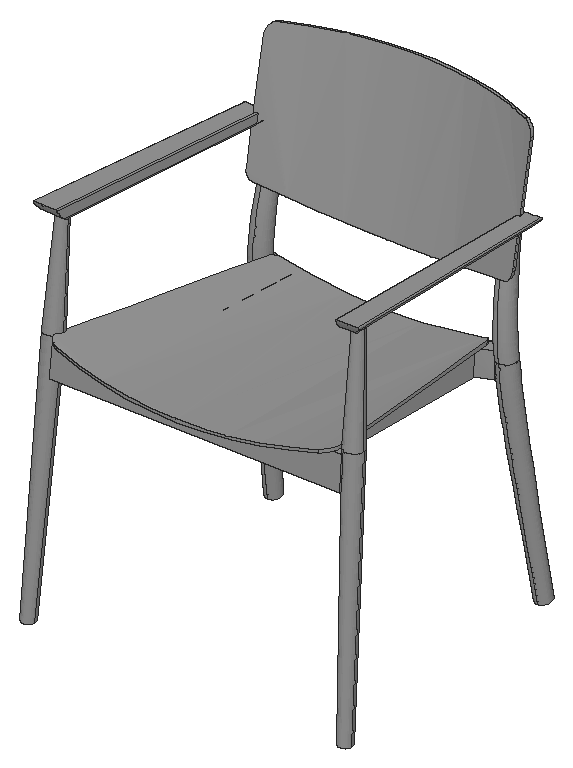
Revit family "Andreu World Happy SO-0375", category Mobiliario, Revit 2014
Parameters (values of type "SO-0375")
  Width = 595 mm
  URL = "https://www.andreuworld.com/workspaces"
  Structure Finish = Andreu World Beech V
  Seat = Andreu World Oak Vertical
  Reference = "SO-0375"  # constant formula
  Modelo = "Happy"  # constant formula
  Height = 770 mm
  Fabricante = "Andreu World"  # constant formula
  Descripción = "Armchair with oak board seat and backrest and solid beech wood frame"  # constant formula
  Depth = 555 mm
  Backrest = Andreu World Oak Vertical
Reference planes
  plane 1 "Centro (Frontal/Posterior)": y = 0
  plane 2: z = 0
  plane 3 "Centro (Izquierda/Derecha)": x = 0
  plane 4: y = 277.5
  plane 5: x = 297.5
  plane 6: x = -297.5
  plane 7: y = -277.5
  plane 8: z = 770
Forms (mm)
  Blend 1, solid, material "Andreu World Beech V" <- "Structure Finish", detail levels medium+fine
    base sketch origin (0, 0, 0) x (1, 0, 0) y (0, 1, 0)
      loop
        circle (-280.936, -256.104) r 11.517
    top sketch origin (0, 0, 0) x (1, 0, 0) y (0, 1, 0)
      loop
        circle (-266.063, -218.492) r 17
    from 0 to 449.168
  Blend 2, solid, material "Andreu World Beech V" <- "Structure Finish", detail levels medium+fine
    base sketch origin (0, 0, 0) x (1, 0, 0) y (0, 1, 0)
      loop
        circle (-266.063, -218.492) r 17
    top sketch origin (0, 0, 0) x (1, 0, 0) y (0, 1, 0)
      loop
        circle (-262.467, -202.684) r 10
    from 449.168 to 634.561
  Blend 3, solid, material "Andreu World Beech V" <- "Structure Finish", detail levels medium+fine
    base sketch origin (0, 0, 0) x (-1, 0, 0) y (0, -1, 0)
      loop
        circle (-280.936, 256.104) r 11.517
    top sketch origin (0, 0, 0) x (-1, 0, 0) y (0, -1, 0)
      loop
        circle (-266.063, 218.492) r 17
    from 0 to 449.168
  Blend 4, solid, material "Andreu World Beech V" <- "Structure Finish", detail levels medium+fine
    base sketch origin (0, 0, 0) x (-1, 0, 0) y (0, -1, 0)
      loop
        circle (-266.063, 218.492) r 17
    top sketch origin (0, 0, 0) x (-1, 0, 0) y (0, -1, 0)
      loop
        circle (-262.467, 202.684) r 10
    from 449.168 to 634.561
  Blend 5, solid, material "Andreu World Beech V" <- "Structure Finish", detail levels medium+fine
    base sketch origin (0, 0, 0) x (1, 0, 0) y (0, 0, 1)
      loop
        line (-179.967, 413.884) -> (-179.967, 366.496) -> (-146.903, 366.496) -> (-146.903, 413.884) -> (-179.967, 413.884)
    top sketch origin (0, 0, 0) x (1, 0, 0) y (0, 0, 1)
      loop
        line (-187.467, 432.028) -> (-187.467, 384.085) -> (-152.467, 384.085) -> (-152.467, 432.028) -> (-187.467, 432.028)
    from -158.291 to 217.993
  Blend 6, solid, material "Andreu World Beech V" <- "Structure Finish", detail levels medium+fine
    base sketch origin (0, 0, 0) x (-1, 0, 0) y (0, 0, -1)
      loop
        line (-179.967, -413.884) -> (-146.903, -413.884) -> (-146.903, -366.496) -> (-179.967, -366.496) -> (-179.967, -413.884)
    top sketch origin (0, 0, 0) x (-1, 0, 0) y (0, 0, -1)
      loop
        line (-187.467, -432.028) -> (-152.467, -432.028) -> (-152.467, -384.085) -> (-187.467, -384.085) -> (-187.467, -432.028)
    from -158.291 to 217.993
  Blend 7, solid, material "Andreu World Beech V" <- "Structure Finish", detail levels medium+fine
    base sketch origin (0, 0, 0) x (1, 0, 0) y (0, 1, 0)
      loop
        line (-257.452, -203.835) -> (-257.452, -233.735) -> (257.473, -233.735) -> (257.473, -203.835) -> (-257.452, -203.835)
    top sketch origin (0, 0, 0) x (1, 0, 0) y (0, 1, 0)
      loop
        line (257.388, -208.037) -> (-257.608, -208.037) -> (-257.608, -237.924) -> (257.388, -237.924) -> (257.388, -208.037)
    from 442.313 to 384.219
  Blend 8, solid, material "Andreu World Beech V" <- "Structure Finish", detail levels medium+fine
    base sketch origin (0, 0, 0) x (1, 0, 0) y (0, 1, 0)
      loop
        arc (-209.233, 165.988) -> (0, 116.733) -> (209.233, 165.988) r 469.03
        line (209.233, 165.988) -> (202.737, 191.007)
        arc (202.737, 191.007) -> (0, 141.71) -> (-202.737, 191.007) r 441.528
        line (-202.737, 191.007) -> (-209.233, 165.988)
    top sketch origin (0, 0, 0) x (1, 0, 0) y (0, 1, 0)
      loop
        arc (-209.233, 168.137) -> (0, 118.194) -> (209.233, 168.137) r 463.26
        line (209.233, 168.137) -> (202.747, 193.118)
        arc (202.747, 193.118) -> (0, 141.71) -> (-202.747, 193.118) r 425.501
        line (-202.747, 193.118) -> (-209.233, 168.137)
    from 368.764 to 414.376
  Blend 9, solid, material "Andreu World Beech V" <- "Structure Finish", detail levels medium+fine
    base sketch origin (0, 0, 0) x (1, 0, 0) y (0, 0, 1)
      loop
        arc (-229.87, 626.793) -> (-230.41, 628.125) -> (-231.726, 628.703) r 1.911
        line (-231.726, 628.703) -> (-262.001, 629.571)
        arc (-262.001, 629.571) -> (-263.934, 628.301) -> (-263.406, 626.049) r 2.019
        line (-263.406, 626.049) -> (-246.58, 610.981)
        arc (-246.58, 610.981) -> (-245.254, 610.172) -> (-243.726, 609.89) r 4.278
        line (-243.726, 609.89) -> (-232.809, 609.89)
        arc (-232.809, 609.89) -> (-230.731, 610.751) -> (-229.87, 612.83) r 2.939
        line (-229.87, 612.83) -> (-229.87, 626.793)
    top sketch origin (0, 0, 0) x (1, 0, 0) y (0, 0, 1)
      loop
        arc (-287.433, 655.065) -> (-289.293, 653.848) -> (-288.876, 651.665) r 1.997
        line (-288.876, 651.665) -> (-271.43, 633.994)
        arc (-271.43, 633.994) -> (-270.343, 633.261) -> (-269.058, 633.003) r 3.332
        line (-269.058, 633.003) -> (-249.257, 633.003)
        arc (-249.257, 633.003) -> (-247.903, 633.564) -> (-247.343, 634.917) r 1.914
        line (-247.343, 634.917) -> (-247.343, 652.466)
        arc (-247.343, 652.466) -> (-247.971, 653.995) -> (-249.493, 654.64) r 2.174
        line (-249.493, 654.64) -> (-287.433, 655.065)
    from -201.685 to 237.858
  Extrusion 10, void
    sketch origin (0, 0, 0) x (0, 1, 0) y (0, 0, 1)
      loop
        line (-235.901, 655.548) -> (-248.033, 657.44) -> (-248.908, 632.371) -> (-203.794, 630.006)
        arc (-203.794, 630.006) -> (-223.936, 637.638) -> (-235.901, 655.548) r 35.323
    from -306.254 to 305.783
  Blend 11, solid, material "Andreu World Beech V" <- "Structure Finish", detail levels medium+fine
    base sketch origin (0, 0, 0) x (-1, 0, 0) y (0, 0, -1)
      loop
        line (-229.87, -626.793) -> (-229.87, -612.83)
        arc (-229.87, -612.83) -> (-230.731, -610.751) -> (-232.809, -609.89) r 2.939
        line (-232.809, -609.89) -> (-243.726, -609.89)
        arc (-243.726, -609.89) -> (-245.254, -610.172) -> (-246.58, -610.981) r 4.278
        line (-246.58, -610.981) -> (-263.406, -626.049)
        arc (-263.406, -626.049) -> (-263.934, -628.301) -> (-262.001, -629.571) r 2.019
        line (-262.001, -629.571) -> (-231.726, -628.703)
        arc (-231.726, -628.703) -> (-230.41, -628.125) -> (-229.87, -626.793) r 1.911
    top sketch origin (0, 0, 0) x (-1, 0, 0) y (0, 0, -1)
      loop
        line (-287.433, -655.065) -> (-249.493, -654.64)
        arc (-249.493, -654.64) -> (-247.971, -653.995) -> (-247.343, -652.466) r 2.174
        line (-247.343, -652.466) -> (-247.343, -634.917)
        arc (-247.343, -634.917) -> (-247.903, -633.564) -> (-249.257, -633.003) r 1.914
        line (-249.257, -633.003) -> (-269.058, -633.003)
        arc (-269.058, -633.003) -> (-270.343, -633.261) -> (-271.43, -633.994) r 3.332
        line (-271.43, -633.994) -> (-288.876, -651.665)
        arc (-288.876, -651.665) -> (-289.293, -653.848) -> (-287.433, -655.065) r 1.997
    from -201.685 to 237.858
  SweptBlend 12, solid, material "Andreu World Beech V" <- "Structure Finish", detail levels medium+fine
    path in 3D
      loop
        spline (218.808, 179.683, 399.733) -> (220.562, 181.889, 366.262) -> (222.297, 185.301, 333.16) -> (224.03, 189.527, 300.085) -> (225.773, 194.2, 266.831) -> (227.518, 199.159, 233.53) -> (229.264, 204.271, 200.212) -> (231.011, 209.495, 166.873) -> (232.759, 214.764, 133.521) -> (234.508, 220.063, 100.157) -> (236.257, 225.373, 66.781) -> (238.007, 230.678, 33.396) -> (239.757, 235.977, 0)
    profile origin (218.808, 179.683, 399.733) x (0.002392, -0.998955, -0.045639) y (-0.99863, 0, -0.052336)
      loop
        circle (0, 0) r 17.633
    end profile origin (239.757, 235.977, 0) x (0.008189, -0.987681, -0.156264) y (-0.99863, 0, -0.052336)
      loop
        circle (0, 0) r 13.418
  SweptBlend 13, solid, material "Andreu World Beech V" <- "Structure Finish", detail levels medium+fine
    path in 3D
      loop
        spline (204.67, 222.272, 669.493) -> (205.84, 216.668, 647.167) -> (207.011, 211.256, 624.83) -> (208.182, 206.001, 602.487) -> (209.353, 200.863, 580.143) -> (210.525, 196.013, 557.777) -> (211.699, 191.578, 535.376) -> (212.874, 187.484, 512.949) -> (214.054, 184.106, 490.436) -> (215.242, 181.574, 467.779) -> (216.434, 179.83, 445.029) -> (217.628, 179.157, 422.246) -> (218.824, 179.698, 399.417)
    profile origin (204.67, 222.272, 669.493) x (-0.012921, -0.969046, 0.246542) y (-0.99863, 0, -0.052336)
      loop
        circle (0.494, 0.853) r 12.743
    end profile origin (218.824, 179.698, 399.417) x (0.00242, -0.998931, -0.04617) y (-0.99863, 0, -0.052336)
      loop
        circle (0, 0) r 17.633
  SweptBlend 14, solid, material "Andreu World Beech V" <- "Structure Finish", detail levels medium+fine
    path in 3D
      loop
        spline (-218.808, 179.683, 399.733) -> (-220.562, 181.889, 366.262) -> (-222.297, 185.301, 333.16) -> (-224.03, 189.527, 300.085) -> (-225.773, 194.2, 266.831) -> (-227.518, 199.159, 233.53) -> (-229.264, 204.271, 200.212) -> (-231.011, 209.495, 166.873) -> (-232.759, 214.764, 133.521) -> (-234.508, 220.063, 100.157) -> (-236.257, 225.373, 66.781) -> (-238.007, 230.678, 33.396) -> (-239.757, 235.977, 0)
    profile origin (-218.808, 179.683, 399.733) x (0.002392, 0.998955, 0.045639) y (0.99863, 0, -0.052336)
      loop
        circle (0, 0) r 17.633
    end profile origin (-239.757, 235.977, 0) x (0.008189, 0.987681, 0.156264) y (0.99863, 0, -0.052336)
      loop
        circle (0, 0) r 13.418
  Blend 15, solid, material "Andreu World Oak Vertical" <- "Seat", detail levels medium+fine
    base sketch origin (0, 0, 0) x (1, 0, 0) y (0, 0, 1)
      loop
        arc (-202.5, 421.305) -> (0, 395.179) -> (202.5, 421.305) r 797.836
        line (202.5, 421.305) -> (202.5, 426.305)
        arc (202.5, 426.305) -> (0, 400.179) -> (-202.5, 426.305) r 797.836
        line (-202.5, 426.305) -> (-202.5, 421.305)
    top sketch origin (0, 0, 0) x (1, 0, 0) y (0, 0, 1)
      loop
        arc (-262.5, 454.096) -> (0, 422.411) -> (262.5, 454.096) r 1103.204
        line (262.5, 454.096) -> (262.5, 459.096)
        arc (262.5, 459.096) -> (0, 427.411) -> (-262.5, 459.096) r 1103.204
        line (-262.5, 459.096) -> (-262.5, 454.096)
    from -182.446 to 277.5
  Extrusion 16, void
    sketch origin (0, 0, 0) x (1, 0, 0) y (0, 1, 0)
      loop
        line (-297.5, 277.5) -> (-297.5, -331.575) -> (297.5, -331.575) -> (297.5, 277.5) -> (-297.5, 277.5)
      loop
        arc (-231.838, -254.619) -> (0.002, -277.5) -> (231.842, -254.618) r 1185.957
        arc (231.842, -254.618) -> (248.053, -244.059) -> (252.508, -225.232) r 26.042
        line (252.508, -225.232) -> (194.022, 166.466)
        arc (194.022, 166.466) -> (189.762, 174.602) -> (181.376, 178.347) r 14
        arc (181.376, 178.347) -> (0, 186.137) -> (-181.376, 178.347) r 2115.233
        arc (-181.376, 178.347) -> (-189.762, 174.602) -> (-194.022, 166.466) r 14
        line (-194.022, 166.466) -> (-252.507, -225.228)
        arc (-252.507, -225.228) -> (-248.052, -244.058) -> (-231.838, -254.619) r 26.047
    from 355.447 to 474.125
  Blend 17, void
    base sketch origin (0, 0, 0) x (1, 0, 0) y (0, 0, 1)
      loop
        arc (-202.5, 421.305) -> (0, 395.179) -> (202.5, 421.305) r 797.836
        arc (202.5, 421.305) -> (0, 447.431) -> (-202.5, 421.305) r 797.836
    top sketch origin (0, 0, 0) x (1, 0, 0) y (0, 0, 1)
      loop
        arc (-262.5, 454.096) -> (0, 422.411) -> (262.5, 454.096) r 1103.204
        arc (262.5, 454.096) -> (0, 485.781) -> (-262.5, 454.096) r 1103.204
    from -182.446 to 277.5
  Blend 18, solid, material "Andreu World Oak Vertical" <- "Backrest", detail levels medium+fine
    base sketch origin (0, 0, 0) x (1, 0, 0) y (0, 1, 0)
      loop
        arc (-242.791, 160.129) -> (0, 191.351) -> (242.791, 160.129) r 959.635
        line (242.791, 160.129) -> (242.791, 165.129)
        arc (242.791, 165.129) -> (0, 196.351) -> (-242.791, 165.129) r 959.635
        line (-242.791, 165.129) -> (-242.791, 160.129)
    top sketch origin (0, 0, 0) x (1, 0, 0) y (0, 1, 0)
      loop
        arc (-250.576, 212.396) -> (0, 267.294) -> (250.576, 212.396) r 599.311
        line (250.576, 212.396) -> (250.576, 217.396)
        arc (250.576, 217.396) -> (0, 272.294) -> (-250.576, 217.396) r 599.311
        line (-250.576, 217.396) -> (-250.576, 212.396)
    from 501.585 to 781.619
  Extrusion 19, void
    sketch origin (0, 0, 0) x (1, 0, 0) y (0, 0, 1)
      loop
        line (-264.992, 799.744) -> (-264.992, 484.744) -> (260.008, 484.744) -> (260.008, 799.744) -> (-264.992, 799.744)
      loop
        arc (-217.156, 763.644) -> (-230.858, 757.54) -> (-236.462, 743.627) r 20
        line (-236.462, 743.627) -> (-236.174, 547.947)
        arc (-236.174, 547.947) -> (-231.691, 535.357) -> (-220.28, 528.402) r 20
        arc (-220.28, 528.402) -> (0, 505.547) -> (220.28, 528.402) r 1072.988
        arc (220.28, 528.402) -> (231.691, 535.357) -> (236.174, 547.947) r 20
        line (236.174, 547.947) -> (236.462, 743.627)
        arc (236.462, 743.627) -> (230.858, 757.54) -> (217.156, 763.644) r 20
        arc (217.156, 763.644) -> (0, 767.418) -> (-217.156, 763.644) r 6250.041
    from -294.56 to -147.999
  SweptBlend 20, solid, material "Andreu World Beech V" <- "Structure Finish", detail levels medium+fine
    path in 3D
      loop
        spline (-204.67, 222.272, 669.493) -> (-205.84, 216.668, 647.167) -> (-207.011, 211.256, 624.83) -> (-208.182, 206.001, 602.487) -> (-209.353, 200.863, 580.143) -> (-210.525, 196.013, 557.777) -> (-211.699, 191.578, 535.376) -> (-212.874, 187.484, 512.949) -> (-214.054, 184.106, 490.436) -> (-215.242, 181.574, 467.779) -> (-216.434, 179.83, 445.029) -> (-217.628, 179.157, 422.246) -> (-218.824, 179.698, 399.417)
    profile origin (-204.67, 222.272, 669.493) x (-0.012921, 0.969046, -0.246542) y (0.99863, 0, -0.052336)
      loop
        circle (-0.494, 0.853) r 12.743
    end profile origin (-218.824, 179.698, 399.417) x (0.00242, 0.998931, 0.04617) y (0.99863, 0, -0.052336)
      loop
        circle (0, 0) r 17.633
Cuts and joins
  joined: Blend 1, Blend 2
  joined: Blend 3, Blend 4
  Extrusion 10 cuts Blend 9
  Extrusion 10 cuts Blend 11
  Extrusion 16 cuts Blend 15
  Blend 17 cuts Blend 8
  Blend 17 cuts Blend 7
  Extrusion 19 cuts Blend 18
Lines and regions (mm)
  sketch lines
    curve 1: spline (218.808, 179.683, 399.733) -> (220.562, 181.889, 366.262) -> (222.297, 185.301, 333.16) -> (224.03, 189.527, 300.085) -> (225.773, 194.2, 266.831) -> (227.518, 199.159, 233.53) -> (229.264, 204.271, 200.212) -> (231.011, 209.495, 166.873) -> (232.759, 214.764, 133.521) -> (234.508, 220.063, 100.157) -> (236.257, 225.373, 66.781) -> (238.007, 230.678, 33.396) -> (239.757, 235.977, 0)
    curve 2: spline (204.67, 222.272, 669.493) -> (205.84, 216.668, 647.167) -> (207.011, 211.256, 624.83) -> (208.182, 206.001, 602.487) -> (209.353, 200.863, 580.143) -> (210.525, 196.013, 557.777) -> (211.699, 191.578, 535.376) -> (212.874, 187.484, 512.949) -> (214.054, 184.106, 490.436) -> (215.242, 181.574, 467.779) -> (216.434, 179.83, 445.029) -> (217.628, 179.157, 422.246) -> (218.824, 179.698, 399.417)
    curve 3: spline (-218.808, 179.683, 399.733) -> (-220.562, 181.889, 366.262) -> (-222.297, 185.301, 333.16) -> (-224.03, 189.527, 300.085) -> (-225.773, 194.2, 266.831) -> (-227.518, 199.159, 233.53) -> (-229.264, 204.271, 200.212) -> (-231.011, 209.495, 166.873) -> (-232.759, 214.764, 133.521) -> (-234.508, 220.063, 100.157) -> (-236.257, 225.373, 66.781) -> (-238.007, 230.678, 33.396) -> (-239.757, 235.977, 0)
    curve 4: spline (-204.67, 222.272, 669.493) -> (-205.84, 216.668, 647.167) -> (-207.011, 211.256, 624.83) -> (-208.182, 206.001, 602.487) -> (-209.353, 200.863, 580.143) -> (-210.525, 196.013, 557.777) -> (-211.699, 191.578, 535.376) -> (-212.874, 187.484, 512.949) -> (-214.054, 184.106, 490.436) -> (-215.242, 181.574, 467.779) -> (-216.434, 179.83, 445.029) -> (-217.628, 179.157, 422.246) -> (-218.824, 179.698, 399.417)
  model lines, detail levels coarse+medium
    curve 5: arc (231.842, -254.618, 0) -> (0.002, -277.5, 0) -> (-231.838, -254.619, 0) r 1185.957
    curve 6: arc (251.965, -235.594, 0) -> (244.642, -248.002, 0) -> (231.842, -254.618, 0) r 26.042
    curve 7: arc (-231.838, -254.619, 0) -> (-244.639, -248.003, 0) -> (-251.964, -235.594, 0) r 26.047
    curve 8: line (-247.415, -191.123, 0) -> (-194.022, 166.466, 0)
    curve 9: line (194.022, 166.466, 0) -> (247.421, -191.165, 0)
    curve 10: line (287.309, -235.721, 0) -> (249.401, -235.585, 0)
    curve 11: line (-287.309, -235.721, 0) -> (-249.401, -235.585, 0)
    curve 12: arc (-272.568, -264.017, 0) -> (-285.194, -266.805, 0) -> (-292.453, -256.104, 0) r 11.517
    curve 13: spline (-236.174, 216.609, 0) -> (-235.691, 217.255, 0) -> (-235.009, 217.962, 0) -> (-234.136, 218.721, 0) -> (-233.08, 219.527, 0) -> (-231.851, 220.371, 0) -> (-230.461, 221.245, 0) -> (-228.923, 222.141, 0) -> (-227.252, 223.05, 0) -> (-225.465, 223.964, 0) -> (-223.577, 224.873, 0) -> (-221.607, 225.77, 0) -> (-219.575, 226.645, 0)
    curve 14: spline (-219.575, 226.645, 0) -> (-184.362, 239.291, 0) -> (-148.421, 249.709, 0) -> (-111.894, 257.858, 0) -> (-74.925, 263.707, 0) -> (-37.661, 267.232, 0) -> (-0.248, 268.419, 0) -> (37.166, 267.263, 0) -> (74.434, 263.769, 0) -> (111.407, 257.951, 0) -> (147.941, 249.832, 0) -> (183.89, 239.443, 0) -> (219.114, 226.827, 0)
    curve 15: spline (219.114, 226.827, 0) -> (221.408, 225.837, 0) -> (223.626, 224.82, 0) -> (225.74, 223.79, 0) -> (227.724, 222.757, 0) -> (229.555, 221.735, 0) -> (231.21, 220.736, 0) -> (232.669, 219.773, 0) -> (233.914, 218.856, 0) -> (234.931, 217.997, 0) -> (235.706, 217.207, 0) -> (236.231, 216.495, 0) -> (236.498, 215.87, 0)
    curve 16: spline (236.463, 211.005, 0) -> (236.157, 211.636, 0) -> (235.613, 212.344, 0) -> (234.835, 213.123, 0) -> (233.833, 213.962, 0) -> (232.619, 214.853, 0) -> (231.205, 215.786, 0) -> (229.608, 216.75, 0) -> (227.847, 217.733, 0) -> (225.94, 218.726, 0) -> (223.91, 219.716, 0) -> (221.78, 220.693, 0) -> (219.573, 221.645, 0)
    curve 17: spline (219.573, 221.645, 0) -> (184.36, 234.291, 0) -> (148.42, 244.709, 0) -> (111.893, 252.859, 0) -> (74.925, 258.707, 0) -> (37.66, 262.232, 0) -> (0.247, 263.419, 0) -> (-37.167, 262.263, 0) -> (-74.434, 258.769, 0) -> (-111.407, 252.951, 0) -> (-147.941, 244.832, 0) -> (-183.89, 234.443, 0) -> (-219.114, 221.827, 0)
    curve 18: spline (-219.114, 221.827, 0) -> (-221.194, 220.932, 0) -> (-223.213, 220.014, 0) -> (-225.152, 219.083, 0) -> (-226.99, 218.148, 0) -> (-228.709, 217.217, 0) -> (-230.293, 216.3, 0) -> (-231.725, 215.407, 0) -> (-232.991, 214.545, 0) -> (-234.079, 213.725, 0) -> (-234.978, 212.953, 0) -> (-235.679, 212.238, 0) -> (-236.174, 211.587, 0)
    curve 19: line (-236.174, 216.609, 0) -> (-236.174, 171.099, 0)
    curve 20: line (236.174, 171.109, 0) -> (236.498, 215.87, 0)
    curve 21: line (-220.287, 171.321, 0) -> (220.287, 171.321, 0)
    curve 22: spline (220.287, 171.321, 0) -> (222.468, 170.861, 0) -> (224.578, 170.472, 0) -> (226.587, 170.159, 0) -> (228.467, 169.926, 0) -> (230.19, 169.778, 0) -> (231.732, 169.715, 0) -> (233.072, 169.739, 0) -> (234.19, 169.85, 0) -> (235.07, 170.046, 0) -> (235.699, 170.324, 0) -> (236.069, 170.68, 0) -> (236.174, 171.109, 0)
    curve 23: spline (-236.174, 171.099, 0) -> (-236.07, 170.692, 0) -> (-235.7, 170.355, 0) -> (-235.072, 170.093, 0) -> (-234.192, 169.909, 0) -> (-233.075, 169.806, 0) -> (-231.736, 169.785, 0) -> (-230.194, 169.846, 0) -> (-228.471, 169.989, 0) -> (-226.591, 170.212, 0) -> (-224.581, 170.511, 0) -> (-222.47, 170.883, 0) -> (-220.287, 171.321, 0)
    curve 24: arc (-194.022, 166.466, 0) -> (-189.762, 174.602, 0) -> (-181.376, 178.347, 0) r 14
    curve 25: line (124.917, 182.446, 0) -> (-124.917, 182.446, 0)
    curve 26: arc (-181.376, 178.347, 0) -> (0, 186.137, 0) -> (181.376, 178.347, 0) r 2115.233
    curve 27: arc (181.376, 178.347, 0) -> (189.762, 174.602, 0) -> (194.022, 166.466, 0) r 14
    curve 28: spline (-253.112, 234.784, 0) -> (-252.985, 237.987, 0) -> (-252.085, 241.072, 0) -> (-250.463, 243.86, 0) -> (-248.216, 246.187, 0) -> (-245.474, 247.917, 0) -> (-242.398, 248.948, 0) -> (-239.168, 249.222, 0) -> (-235.972, 248.721, 0) -> (-232.997, 247.475, 0) -> (-230.417, 245.557, 0) -> (-228.384, 243.078, 0) -> (-227.015, 240.185, 0)
    curve 29: line (-236.174, 201.685, 0) -> (-264.078, 201.685, 0)
    curve 30: line (-264.078, 201.685, 0) -> (-287.309, -235.721, 0)
    curve 31: line (-249.401, -235.585, 0) -> (-231.294, 169.794, 0)
    curve 32: line (287.313, -235.721, 0) -> (249.405, -235.585, 0)
    curve 33: line (236.179, 201.685, 0) -> (264.082, 201.685, 0)
    curve 34: line (264.082, 201.685, 0) -> (287.313, -235.721, 0)
    curve 35: line (249.405, -235.585, 0) -> (231.302, 169.724, 0)
    curve 36: line (-272.568, -264.017, 0) -> (-255.497, -235.607, 0)
    curve 37: line (-292.453, -256.104, 0) -> (-287.309, -235.721, 0)
    curve 38: line (-253.112, 234.784, 0) -> (-239.063, 201.685, 0)
    curve 39: line (-227.015, 240.185, 0) -> (-221.5, 225.817, 0)
    curve 40: spline (253.117, 234.784, 0) -> (252.99, 237.987, 0) -> (252.089, 241.072, 0) -> (250.468, 243.86, 0) -> (248.221, 246.187, 0) -> (245.479, 247.917, 0) -> (242.403, 248.948, 0) -> (239.172, 249.222, 0) -> (235.976, 248.721, 0) -> (233.001, 247.475, 0) -> (230.422, 245.557, 0) -> (228.388, 243.078, 0) -> (227.02, 240.185, 0)
    curve 41: line (253.117, 234.784, 0) -> (239.067, 201.685, 0)
    curve 42: line (227.02, 240.185, 0) -> (221.497, 225.798, 0)
    curve 43: arc (272.572, -264.017, 0) -> (285.199, -266.805, 0) -> (292.457, -256.104, 0) r 11.517
    curve 44: line (272.572, -264.017, 0) -> (255.501, -235.607, 0)
    curve 45: line (292.457, -256.104, 0) -> (287.313, -235.721, 0)
Dimensions and locks
  equal spacing: plane 6, plane 3 "Centro (Izquierda/Derecha)", plane 5
  equal spacing: plane 4, plane 1 "Centro (Frontal/Posterior)", plane 7
  "Depth": plane 4 to plane 7
  "Width": plane 6 to plane 5
  "Height": plane 8 to level
  aligned and locked: level to plane 2
Automatic sketch dimensions
  plane 6 to Blend 1 sketch curve = 16.564 mm
  plane 7 to Blend 1 sketch curve = 21.396 mm
  plane 6 to Blend 1 sketch curve = 31.437 mm
  plane 7 to Blend 1 sketch curve = 59.008 mm
  plane 6 to Blend 2 sketch curve = 31.437 mm
  plane 7 to Blend 2 sketch curve = 59.008 mm
  plane 6 to Blend 2 sketch curve = 35.033 mm
  plane 7 to Blend 2 sketch curve = 74.816 mm
  plane 5 to Blend 3 sketch curve = 16.564 mm
  Blend 3 sketch curve to plane 7 = 21.396 mm
  plane 5 to Blend 3 sketch curve = 31.437 mm
  Blend 3 sketch curve to plane 7 = 59.008 mm
  plane 5 to Blend 4 sketch curve = 31.437 mm
  Blend 4 sketch curve to plane 7 = 59.008 mm
  plane 5 to Blend 4 sketch curve = 35.033 mm
  Blend 4 sketch curve to plane 7 = 74.816 mm
  plane 6 to Blend 5 sketch curve = 117.533 mm
  Blend 5 sketch curve to Blend 5 sketch curve = 33.064 mm
  level to Blend 5 sketch curve = 366.496 mm
  Blend 5 sketch curve to Blend 5 sketch curve = 47.388 mm
  plane 6 to Blend 5 sketch curve = 110.033 mm
  Blend 5 sketch curve to Blend 5 sketch curve = 35 mm
  level to Blend 5 sketch curve = 384.085 mm
  Blend 5 sketch curve to Blend 5 sketch curve = 47.944 mm
  plane 5 to Blend 6 sketch curve = 117.533 mm
  Blend 6 sketch curve to Blend 6 sketch curve = 33.064 mm
  Blend 6 sketch curve to level = 366.496 mm
  Blend 6 sketch curve to Blend 6 sketch curve = 47.388 mm
  plane 5 to Blend 6 sketch curve = 110.033 mm
  Blend 6 sketch curve to Blend 6 sketch curve = 35 mm
  Blend 6 sketch curve to level = 384.085 mm
  Blend 6 sketch curve to Blend 6 sketch curve = 47.944 mm
  plane 6 to Blend 7 sketch curve = 40.048 mm
  Blend 7 sketch curve to plane 5 = 40.027 mm
  plane 7 to Blend 7 sketch curve = 43.765 mm
  Blend 7 sketch curve to Blend 7 sketch curve = 29.9 mm
  plane 6 to Blend 7 sketch curve = 39.892 mm
  Blend 7 sketch curve to plane 5 = 40.112 mm
  plane 7 to Blend 7 sketch curve = 39.576 mm
  Blend 7 sketch curve to Blend 7 sketch curve = 29.887 mm
  Blend 8 sketch curve to plane 3 "Centro (Izquierda/Derecha)" = 0 mm  (x4)
  plane 6 to Blend 8 sketch curve = 94.763 mm
  Blend 8 sketch curve to Blend 8 sketch curve = 6.496 mm  (x2)
  Blend 8 sketch curve to plane 5 = 94.763 mm
  Blend 8 sketch curve to plane 4 = 111.512 mm
  Blend 8 sketch curve to Blend 8 sketch curve = 25.019 mm
  plane 4 to Blend 8 sketch curve = 305.738 mm
  Blend 8 sketch curve to Blend 8 sketch curve = 2.525 mm
  plane 6 to Blend 8 sketch curve = 94.753 mm
  Blend 8 sketch curve to Blend 8 sketch curve = 6.486 mm  (x2)
  Blend 8 sketch curve to plane 5 = 94.753 mm
  Blend 8 sketch curve to plane 4 = 109.363 mm
  Blend 8 sketch curve to Blend 8 sketch curve = 24.982 mm
  plane 4 to Blend 8 sketch curve = 289.711 mm
  Blend 8 sketch curve to Blend 8 sketch curve = 14.243 mm
  plane 6 to Blend 9 sketch curve = 34.094 mm
  Blend 9 sketch curve to Blend 9 sketch curve = 1.347 mm
  Blend 9 sketch curve to Blend 9 sketch curve = 0.058 mm
  Blend 9 sketch curve to Blend 9 sketch curve = 16.826 mm
  Blend 9 sketch curve to Blend 9 sketch curve = 2.854 mm
  Blend 9 sketch curve to Blend 9 sketch curve = 10.917 mm
  Blend 9 sketch curve to Blend 9 sketch curve = 1.028 mm
  Blend 9 sketch curve to Blend 9 sketch curve = 0.055 mm
  Blend 9 sketch curve to Blend 9 sketch curve = 2.939 mm
  Blend 9 sketch curve to plane 8 = 160.11 mm
  Blend 9 sketch curve to Blend 9 sketch curve = 1.091 mm
  Blend 9 sketch curve to Blend 9 sketch curve = 15.067 mm
  Blend 9 sketch curve to Blend 9 sketch curve = 13.963 mm
  Blend 9 sketch curve to Blend 9 sketch curve = 1.504 mm
  plane 6 to Blend 9 sketch curve = 8.624 mm
  Blend 9 sketch curve to Blend 9 sketch curve = 1.421 mm
  Blend 9 sketch curve to Blend 9 sketch curve = 0.022 mm
  Blend 9 sketch curve to Blend 9 sketch curve = 17.447 mm
  Blend 9 sketch curve to Blend 9 sketch curve = 2.371 mm
  Blend 9 sketch curve to Blend 9 sketch curve = 19.541 mm
  Blend 9 sketch curve to Blend 9 sketch curve = 0.024 mm
  Blend 9 sketch curve to Blend 9 sketch curve = 0.261 mm
  Blend 9 sketch curve to Blend 9 sketch curve = 1.914 mm
  Blend 9 sketch curve to plane 8 = 136.997 mm
  Blend 9 sketch curve to Blend 9 sketch curve = 0.991 mm
  Blend 9 sketch curve to Blend 9 sketch curve = 17.67 mm
  Blend 9 sketch curve to Blend 9 sketch curve = 17.549 mm
  Blend 9 sketch curve to Blend 9 sketch curve = 1.403 mm
  plane 7 to Extrusion 10 sketch curve = 28.592 mm
  Extrusion 10 sketch curve to Extrusion 10 sketch curve = 0.875 mm
  Extrusion 10 sketch curve to Extrusion 10 sketch curve = 12.132 mm
  Extrusion 10 sketch curve to Extrusion 10 sketch curve = 32.107 mm
  Extrusion 10 sketch curve to Extrusion 10 sketch curve = 1.849 mm
  Extrusion 10 sketch curve to plane 8 = 139.994 mm
  Extrusion 10 sketch curve to Extrusion 10 sketch curve = 2.364 mm
  Extrusion 10 sketch curve to Extrusion 10 sketch curve = 23.177 mm
  Extrusion 10 sketch curve to Extrusion 10 sketch curve = 1.892 mm
  plane 5 to Blend 11 sketch curve = 34.094 mm
  Blend 11 sketch curve to Blend 11 sketch curve = 1.347 mm
  Blend 11 sketch curve to Blend 11 sketch curve = 0.058 mm
  Blend 11 sketch curve to Blend 11 sketch curve = 16.826 mm
  Blend 11 sketch curve to Blend 11 sketch curve = 2.854 mm
  Blend 11 sketch curve to Blend 11 sketch curve = 10.917 mm
  Blend 11 sketch curve to Blend 11 sketch curve = 1.028 mm
  Blend 11 sketch curve to Blend 11 sketch curve = 0.055 mm
  Blend 11 sketch curve to Blend 11 sketch curve = 2.939 mm
  plane 8 to Blend 11 sketch curve = 160.11 mm
  Blend 11 sketch curve to Blend 11 sketch curve = 1.091 mm
  Blend 11 sketch curve to Blend 11 sketch curve = 15.067 mm
  Blend 11 sketch curve to Blend 11 sketch curve = 13.963 mm
  Blend 11 sketch curve to Blend 11 sketch curve = 1.504 mm
  plane 5 to Blend 11 sketch curve = 8.624 mm
  Blend 11 sketch curve to Blend 11 sketch curve = 1.421 mm
  Blend 11 sketch curve to Blend 11 sketch curve = 0.022 mm
  Blend 11 sketch curve to Blend 11 sketch curve = 17.447 mm
  Blend 11 sketch curve to Blend 11 sketch curve = 2.371 mm
  Blend 11 sketch curve to Blend 11 sketch curve = 19.541 mm
  Blend 11 sketch curve to Blend 11 sketch curve = 0.024 mm
  Blend 11 sketch curve to Blend 11 sketch curve = 0.261 mm
  Blend 11 sketch curve to Blend 11 sketch curve = 1.914 mm
  plane 8 to Blend 11 sketch curve = 136.997 mm
  Blend 11 sketch curve to Blend 11 sketch curve = 0.991 mm
  Blend 11 sketch curve to Blend 11 sketch curve = 17.67 mm
  Blend 11 sketch curve to Blend 11 sketch curve = 17.549 mm
  Blend 11 sketch curve to Blend 11 sketch curve = 1.403 mm
  profile plane to SweptBlend 12 sketch curve = 0 mm  (x2)
  SweptBlend 12 sketch curve to profile plane = 0 mm  (x2)
  profile plane to SweptBlend 13 sketch curve = 0 mm  (x2)
  profile plane to SweptBlend 13 sketch curve = 0.853 mm
  SweptBlend 13 sketch curve to profile plane = 0.494 mm
  SweptBlend 14 sketch curve to profile plane = 0 mm  (x4)
  Blend 15 sketch curve to plane 3 "Centro (Izquierda/Derecha)" = 0 mm  (x4)
  plane 6 to Blend 15 sketch curve = 95 mm
  Blend 15 sketch curve to plane 5 = 95 mm
  Blend 15 sketch curve to plane 8 = 348.695 mm
  Blend 15 sketch curve to Blend 15 sketch curve = 5 mm  (x4)
  plane 8 to Blend 15 sketch curve = 423.015 mm
  plane 6 to Blend 15 sketch curve = 35 mm
  Blend 15 sketch curve to plane 5 = 35 mm
  Blend 15 sketch curve to plane 8 = 315.904 mm
  plane 8 to Blend 15 sketch curve = 755.615 mm
  Extrusion 16 sketch curve to plane 6 = 0 mm
  Extrusion 16 sketch curve to plane 3 "Centro (Izquierda/Derecha)" = 0 mm  (x2)
  Extrusion 16 sketch curve to plane 5 = 0 mm
  Extrusion 16 sketch curve to plane 4 = 0 mm
  plane 6 to Extrusion 16 sketch curve = 44.993 mm
  Extrusion 16 sketch curve to Extrusion 16 sketch curve = 25.761 mm
  plane 6 to Extrusion 16 sketch curve = 103.478 mm
  Extrusion 16 sketch curve to Extrusion 16 sketch curve = 13.847 mm  (x2)
  Extrusion 16 sketch curve to plane 5 = 117.324 mm
  Extrusion 16 sketch curve to plane 5 = 70.749 mm
  Extrusion 16 sketch curve to Extrusion 16 sketch curve = 25.757 mm
  Extrusion 16 sketch curve to plane 4 = 111.034 mm  (x2)
  Extrusion 16 sketch curve to Extrusion 16 sketch curve = 2.067 mm  (x2)
  plane 7 to Extrusion 16 sketch curve = 52.272 mm
  plane 7 to Extrusion 16 sketch curve = 52.268 mm
  Extrusion 16 sketch curve to Extrusion 16 sketch curve = 3.847 mm
  Extrusion 16 sketch curve to Extrusion 16 sketch curve = 3.846 mm
  Extrusion 16 sketch curve to plane 7 = 54.075 mm
  Extrusion 16 sketch curve to Extrusion 16 sketch curve = 1597.521 mm
  plane 4 to Extrusion 16 sketch curve = 630.957 mm
  Extrusion 16 sketch curve to Extrusion 16 sketch curve = 0 mm  (x2)
  Blend 17 sketch curve to plane 3 "Centro (Izquierda/Derecha)" = 0 mm  (x3)
  plane 3 "Centro (Izquierda/Derecha)" to Blend 17 sketch curve = 0 mm
  Blend 17 sketch curve to level = 617.422 mm
  plane 8 to Blend 17 sketch curve = 755.615 mm
  plane 6 to Blend 17 sketch curve = 35 mm
  Blend 17 sketch curve to plane 8 = 315.904 mm
  Blend 17 sketch curve to level = 350.405 mm
  plane 8 to Blend 17 sketch curve = 423.015 mm
  Blend 17 sketch curve to plane 8 = 348.695 mm
  plane 6 to Blend 17 sketch curve = 95 mm
  Blend 18 sketch curve to plane 3 "Centro (Izquierda/Derecha)" = 0 mm  (x4)
  plane 6 to Blend 18 sketch curve = 54.709 mm
  Blend 18 sketch curve to plane 7 = 490.784 mm
  Blend 18 sketch curve to Blend 18 sketch curve = 5 mm  (x4)
  Blend 18 sketch curve to plane 4 = 117.371 mm
  Blend 18 sketch curve to plane 5 = 54.709 mm
  plane 6 to Blend 18 sketch curve = 46.924 mm
  Blend 18 sketch curve to plane 7 = 54.516 mm
  Blend 18 sketch curve to plane 4 = 65.104 mm
  Blend 18 sketch curve to plane 5 = 46.924 mm
  Extrusion 19 sketch curve to plane 3 "Centro (Izquierda/Derecha)" = 0 mm
  plane 3 "Centro (Izquierda/Derecha)" to Extrusion 19 sketch curve = 0 mm
  plane 6 to Extrusion 19 sketch curve = 81.326 mm
  Extrusion 19 sketch curve to plane 8 = 26.344 mm  (x2)
  plane 6 to Extrusion 19 sketch curve = 81.038 mm
  Extrusion 19 sketch curve to plane 8 = 26.373 mm  (x2)
  Extrusion 19 sketch curve to Extrusion 19 sketch curve = 20 mm  (x4)
  plane 6 to Extrusion 19 sketch curve = 32.508 mm
  Extrusion 19 sketch curve to plane 5 = 81.326 mm
  Extrusion 19 sketch curve to plane 5 = 81.038 mm
  Extrusion 19 sketch curve to plane 5 = 37.492 mm
  Extrusion 19 sketch curve to Extrusion 19 sketch curve = 195.68 mm
  Extrusion 19 sketch curve to Extrusion 19 sketch curve = 0.029 mm  (x2)
  Extrusion 19 sketch curve to Extrusion 19 sketch curve = 63.203 mm
  Extrusion 19 sketch curve to level = 5482.623 mm
  plane 8 to Extrusion 19 sketch curve = 29.744 mm
  Extrusion 19 sketch curve to Extrusion 19 sketch curve = 0 mm  (x3)
  Extrusion 19 sketch curve to Extrusion 19 sketch curve = 4.106 mm
  SweptBlend 20 sketch curve to profile plane = 0 mm
  profile plane to SweptBlend 20 sketch curve = 0 mm
  profile plane to SweptBlend 20 sketch curve = 0.494 mm
  profile plane to SweptBlend 20 sketch curve = 0.853 mm
  curve 5 to plane 3 "Centro (Izquierda/Derecha)" = 0 mm
  curve 26 to plane 3 "Centro (Izquierda/Derecha)" = 0 mm
  plane 6 to curve 24 = 117.324 mm
  curve 8 to curve 24 = 13.847 mm
  curve 21 to curve 24 = 26.265 mm
  plane 6 to curve 7 = 70.754 mm
  curve 39 to curve 23 = 6.728 mm
  curve 19 to curve 28 = 9.159 mm
  curve 31 to curve 7 = 22.655 mm
  curve 38 to curve 13 = 16.938 mm
  curve 30 to curve 29 = 27.904 mm
  plane 7 to curve 36 = 13.483 mm
  plane 6 to curve 36 = 24.932 mm
  curve 12 to curve 12 = 8.368 mm
  plane 6 to curve 30 = 10.191 mm
  plane 6 to curve 37 = 5.047 mm
  curve 27 to plane 5 = 117.324 mm
  curve 27 to curve 9 = 13.847 mm
  curve 9 to curve 21 = 26.265 mm
  curve 6 to plane 5 = 70.749 mm
  curve 21 to curve 42 = 6.732 mm
  curve 22 to curve 20 = 15.887 mm
  curve 42 to curve 20 = 9.479 mm
  curve 6 to curve 32 = 22.654 mm
  curve 15 to curve 41 = 16.618 mm
  curve 20 to curve 33 = 27.584 mm
  curve 44 to plane 5 = 24.928 mm
  curve 43 to curve 43 = 8.368 mm
  curve 45 to plane 5 = 10.187 mm
  curve 45 to plane 5 = 5.043 mm
  plane 7 to curve 44 = 13.483 mm
  curve 26 to plane 7 = 1651.595 mm
  curve 43 to curve 34 = 20.383 mm
  curve 12 to curve 30 = 20.383 mm
  curve 43 to curve 32 = 28.433 mm
  curve 12 to curve 11 = 28.433 mm
  curve 32 to curve 6 = 6.507 mm
  curve 11 to curve 7 = 6.51 mm
  curve 27 to plane 4 = 113.102 mm
  curve 24 to plane 4 = 113.102 mm
  curve 24 to curve 8 = 2.067 mm
  curve 27 to curve 9 = 2.067 mm
  curve 24 to curve 19 = 4.633 mm
  curve 9 to curve 20 = 4.644 mm
  curve 20 to curve 21 = 0.212 mm
  curve 23 to curve 29 = 30.586 mm
  curve 22 to curve 34 = 30.576 mm
  curve 33 to curve 20 = 14.185 mm
  curve 29 to curve 19 = 14.924 mm
  curve 13 to curve 38 = 18.175 mm
  curve 15 to curve 41 = 18.914 mm
  curve 19 to curve 39 = 23.576 mm
  curve 15 to curve 42 = 24.315 mm
  plane 4 to curve 5 = 630.957 mm
  curve 24 to curve 25 = 56.46 mm
  curve 26 to curve 24 = 0 mm
  curve 28 to curve 13 = 11.978 mm
  curve 18 to curve 13 = 0.045 mm
  curve 23 to curve 23 = 2.833 mm
  curve 17 to curve 13 = 4.076 mm
  curve 14 to curve 17 = 0.461 mm
  curve 39 to plane 4 = 51.683 mm
  curve 39 to curve 13 = 1.925 mm
  curve 28 to curve 39 = 0 mm
  curve 19 to curve 31 = 4.88 mm
  plane 7 to curve 7 = 22.881 mm
  curve 5 to curve 7 = 0 mm
  curve 19 to curve 23 = 0.018 mm
  curve 13 to curve 13 = 0.295 mm
  curve 18 to curve 18 = 0.298 mm
  curve 38 to curve 29 = 2.888 mm
  curve 38 to curve 28 = 13.355 mm
  curve 8 to curve 7 = 20.669 mm
  plane 7 to curve 36 = 41.893 mm
  curve 17 to plane 7 = 52.423 mm
  curve 17 to plane 6 = 298.23 mm
  plane 3 "Centro (Izquierda/Derecha)" to curve 14 = 0 mm
  plane 3 "Centro (Izquierda/Derecha)" to curve 17 = 0 mm
  curve 16 to curve 15 = 21.461 mm
  curve 16 to curve 15 = 0.045 mm
  curve 22 to curve 21 = 2.778 mm
  curve 15 to curve 15 = 4.032 mm
  curve 15 to curve 16 = 4.491 mm
  curve 42 to plane 4 = 51.702 mm
  curve 14 to curve 42 = 2.383 mm
  curve 42 to curve 40 = 0 mm
  curve 35 to curve 20 = 4.873 mm
  curve 6 to curve 5 = 0 mm
  curve 22 to curve 20 = 0.023 mm
  curve 33 to curve 20 = 0.32 mm
  curve 16 to curve 20 = 0.035 mm
  curve 16 to curve 16 = 0.006 mm
  curve 15 to curve 20 = 0.026 mm
  curve 33 to curve 41 = 2.888 mm
  curve 40 to curve 40 = 13.355 mm
  curve 6 to curve 9 = 20.67 mm
  curve 10 to curve 32 = 0.004 mm  (x2)
  plane 7 to curve 44 = 41.893 mm
  curve 14 to plane 7 = 47.423 mm
  curve 10 to curve 32 = 0 mm  (x2)
  curve 16 to curve 16 = 0.777 mm
  curve 18 to curve 13 = 4.992 mm
  radius of Blend 1 sketch curve = 11.517 mm
  radius of Blend 1 sketch curve = 17 mm
  radius of Blend 2 sketch curve = 17 mm
  radius of Blend 2 sketch curve = 10 mm
  radius of Blend 3 sketch curve = 11.517 mm
  radius of Blend 3 sketch curve = 17 mm
  radius of Blend 4 sketch curve = 17 mm
  radius of Blend 4 sketch curve = 10 mm
  radius of SweptBlend 12 sketch curve = 13.418 mm
  radius of SweptBlend 12 sketch curve = 17.633 mm
  radius of SweptBlend 13 sketch curve = 17.633 mm
  radius of SweptBlend 13 sketch curve = 12.743 mm
  radius of SweptBlend 14 sketch curve = 13.418 mm
  radius of SweptBlend 14 sketch curve = 17.633 mm
  radius of SweptBlend 20 sketch curve = 17.633 mm
  radius of SweptBlend 20 sketch curve = 12.743 mm
